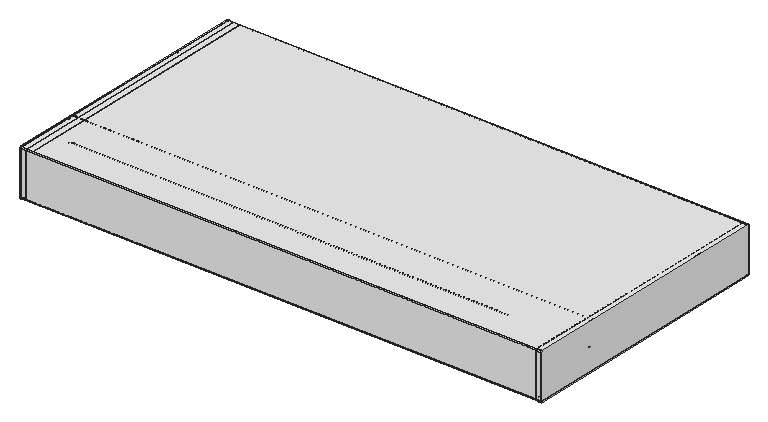
Revit family "LSTP 2x2_2x4", category Lighting Fixtures, host Ceiling, Revit 2019
Family settings
  Host = Ceiling
  Round Connector Dimension = Use Diameter
  Part Type = Normal
  OmniClass Number = 23.80.70.11.14.17
  OmniClass Title = Direct/Indirect
  Always vertical = Yes
  Cut with Voids When Loaded = No
  Light Source = Yes
  Shared = No
  Room Calculation Point = No
Parameters (values of type "LSTP2X4-LED840K061LUNV")
  Width = 1' - 11 3/4"
  Wattage = 43 W
  built-in parameter 1150110 = 1 (stored number, unit not read)
  Voltage = 120 V
  URL = "https://www.viscor.com/en/products/lstp"
  built-in parameter 1114217 = 0.9 (stored number, unit not read)
  Tilt Angle = 90.00°
  built-in parameter 1150109 = 1 (stored number, unit not read)
  built-in parameter 1150134 = 12
  built-in parameter 1150113 = 1 (stored number, unit not read)
  Reflector Width = Width / 2  # 0' - 11 7/8"
  Photometric Web File = "LSTP2X4-LED840K061LUNV.IES"
  Model = "LSTP"  # constant formula
  Manufacturer = "VISIONEERING by VISCOR"  # constant formula
  Lumens = 6149 lm
  built-in parameter 1150115 = 1 (stored number, unit not read)
  built-in parameter 1150105 = 489.32 (stored number, unit not read)
  built-in parameter 1150137 = (empty or 0)
  built-in parameter 1150139 = (empty or 0)
  Lens Finish = Polycarbonate - Viscor - Frosted Curved
  Length = 3' - 11 3/4"
  Lamp Wattage = 43 VA
  built-in parameter 1150112 = 1 (stored number, unit not read)
  built-in parameter 1150114 = 1 (stored number, unit not read)
  Lamp = "LED"  # constant formula
  built-in parameter 1150132 = (empty or 0)
  built-in parameter 1150102 = (empty or 0)
  built-in parameter 1150138 = (empty or 0)
  built-in parameter 1150107 = 4000 (stored number, unit not read)
  built-in parameter 1150106 = 4.8932 (stored number, unit not read)
  Housing Finish = Metal - Viscor - White
  Emit from Rectangle Width = Width  # 1' - 11 3/4"
  Emit from Rectangle Length = Length  # 3' - 11 3/4"
  Emit Shape Visible in Rendering = no
  built-in parameter 1150104 = 13.285 (stored number, unit not read)
  Dimming Lamp Color Temperature Shift = <None>
  Description = "LED Surface  Type P"  # constant formula
  Color Filter = 16777215
  built-in parameter 1114218 = 1 (stored number, unit not read)
  built-in parameter 1150133 = 10 (stored number, unit not read)
  Assembly Code = "D5020200"
  Apparent Load = Lamp Wattage  # 43 VA
Types (8): name | Wattage | Photometric Web File | Lumens | built-in parameter 1150105 | Length | Lamp Wattage | built-in parameter 1150106 | Emit from Rectangle Length | built-in parameter 1150104 | Apparent Load
  (no name) | 43 W | "LSTP2X4-LED840K061LUNV.IES" | 6149 lm | 489.32 (stored number, unit not read) | 3' - 11 3/4" | 43 VA | 4.8932 (stored number, unit not read) | 3' - 11 3/4" | 13.285 (stored number, unit not read) | 43 VA
  LSTP2X2-LED840K027LUNV | 23 W | "LSTP2X2-LED840K027LUNV.IES" | 2783 lm | 221.46 (stored number, unit not read) | 1' - 11 3/4" | 23 VA | 2.2146 (stored number, unit not read) | 1' - 11 3/4" | 11.241 (stored number, unit not read) | 23 VA
  LSTP2x4-LED840K037LUNV | 25 W | "LSTP2X4-LED840K037LUNV.IES" | 3725 lm | 296.43 (stored number, unit not read) | 3' - 11 3/4" | 25 VA | 2.9643 (stored number, unit not read) | 3' - 11 3/4" | 13.843 (stored number, unit not read) | 25 VA
  LSTP2x4-LED840K042LUNV | 31 W | "LSTP2X4-LED840K042LUNV.IES" | 4247 lm | 337.97 (stored number, unit not read) | 3' - 11 3/4" | 31 VA | 3.3797 (stored number, unit not read) | 3' - 11 3/4" | 12.728 (stored number, unit not read) | 31 VA
  LSTP2X2-LED840K035LUNV | 30 W | "LSTP2X2-LED840K035LUNV.IES" | 3510 lm | 279.32 (stored number, unit not read) | 1' - 11 3/4" | 30 VA | 2.7932 (stored number, unit not read) | 1' - 11 3/4" | 10.87 (stored number, unit not read) | 30 VA
  LSTP2X4-LED840K050LUNV | 39 W | "LSTP2X4-LED840K050LUNV.IES" | 5226 lm | 415.87 (stored number, unit not read) | 3' - 11 3/4" | 39 VA | 4.1587 (stored number, unit not read) | 3' - 11 3/4" | 12.449 (stored number, unit not read) | 39 VA
  LSTP2X4-LED840K061LUNV | 43 W | "LSTP2X4-LED840K061LUNV.IES" | 6149 lm | 489.32 (stored number, unit not read) | 3' - 11 3/4" | 43 VA | 4.8932 (stored number, unit not read) | 3' - 11 3/4" | 13.285 (stored number, unit not read) | 43 VA
  LSTP2X2-LED840K040LUNV | 32 W | "LSTP2X2-LED840K040LUNV.IES" | 4032 lm | 320.86 (stored number, unit not read) | 1' - 11 3/4" | 32 VA | 3.2086 (stored number, unit not read) | 1' - 11 3/4" | 11.706 (stored number, unit not read) | 32 VA
Reference planes (in)
  plane 1 "Light Source Axis (F/B)": y = 0
  plane 2 "Ceiling": z = 96
  plane 3 "Light Source Axis (L/R)": x = 0
  plane 4 "Light Source Elevation": z = 91.64062
  plane 5: y = 11.875
  plane 6: y = -11.875
  plane 7: x = -23.875
  plane 8: x = 23.875
  plane 9: x = -23.8125
  plane 10: x = 23.8125
  plane 11: x = -23.375
  plane 12: x = 23.375
  plane 13: y = 11.375
  plane 14: y = -11.375
  plane 15: y = 11.844
  plane 16: y = -11.844
Forms (in)
  Extrusion 1, void
    sketch origin (0, 0, 96) x (1, 0, 0) y (0, 1, 0)
      loop
        line (-23.875, -11.875) -> (23.875, -11.875) -> (23.875, 11.875) -> (-23.875, 11.875) -> (-23.875, -11.875)
    from -4.55033 to 0.2074
  Extrusion 2, solid, material "Metal - Viscor - White" <- "Housing Finish"
    sketch origin (0, 0, 0) x (0, 1, 0) y (0, 0, 1)
      loop
        line (11.81723, 96) -> (-11.81277, 96)
        arc (-11.81277, 96) -> (-11.85519, 95.98243) -> (-11.87277, 95.94) r 0.06
        line (-11.87277, 95.94) -> (-11.87277, 91.845)
        arc (-11.87277, 91.845) -> (-11.85519, 91.80257) -> (-11.81277, 91.785) r 0.06
        line (-11.81277, 91.785) -> (-11.37277, 91.785) -> (-11.37277, 91.81625) -> (-11.81277, 91.81625)
        arc (-11.81277, 91.81625) -> (-11.8331, 91.82467) -> (-11.84152, 91.845) r 0.02875
        line (-11.84152, 91.845) -> (-11.84152, 95.94)
        arc (-11.84152, 95.94) -> (-11.8331, 95.96033) -> (-11.81277, 95.96875) r 0.02875
        line (-11.81277, 95.96875) -> (11.81723, 95.96875)
        arc (11.81723, 95.96875) -> (11.83756, 95.96033) -> (11.84598, 95.94) r 0.02875
        line (11.84598, 95.94) -> (11.84598, 91.845)
        arc (11.84598, 91.845) -> (11.83756, 91.82467) -> (11.81723, 91.81625) r 0.02875
        line (11.81723, 91.81625) -> (11.37723, 91.81625) -> (11.37723, 91.785) -> (11.81723, 91.785)
        arc (11.81723, 91.785) -> (11.85966, 91.80257) -> (11.87723, 91.845) r 0.06
        line (11.87723, 91.845) -> (11.87723, 95.94)
        arc (11.87723, 95.94) -> (11.85966, 95.98243) -> (11.81723, 96) r 0.06
    from -23.875 to 23.875
  Extrusion 3, solid, material "Metal - Viscor - White" <- "Housing Finish"
    sketch origin (0, 0, 0) x (0, 1, 0) y (0, 0, 1)
      loop
        arc (11.84598, 95.9375) -> (11.82768, 95.98169) -> (11.78348, 96) r 0.0625
        line (11.78348, 96) -> (-11.77902, 96)
        arc (-11.77902, 96) -> (-11.82321, 95.98169) -> (-11.84152, 95.9375) r 0.0625
        line (-11.84152, 95.9375) -> (-11.84152, 91.75) -> (11.84598, 91.75) -> (11.84598, 95.9375)
    from -23.875 to -23.8125
  Extrusion 4, solid, material "Metal - Viscor - White" <- "Housing Finish"
    sketch origin (0, 0, 0) x (0, 1, 0) y (0, 0, -1)
      loop
        line (11.84598, -95.9375) -> (11.84598, -91.75) -> (-11.84152, -91.75) -> (-11.84152, -95.9375)
        arc (-11.84152, -95.9375) -> (-11.82321, -95.98169) -> (-11.77902, -96) r 0.0625
        line (-11.77902, -96) -> (11.78348, -96)
        arc (11.78348, -96) -> (11.82768, -95.98169) -> (11.84598, -95.9375) r 0.0625
    from -23.875 to -23.8125
  Extrusion 5, solid, material "Metal - Viscor - White" <- "Housing Finish"
    sketch origin (0, 0, 0) x (1, 0, 0) y (0, 0, 1)
      loop
        line (-23.835, 92.03) -> (-23.835, 91.833)
        arc (-23.835, 91.833) -> (-23.81948, 91.79552) -> (-23.782, 91.78) r 0.053
        line (-23.782, 91.78) -> (-23.428, 91.78)
        arc (-23.428, 91.78) -> (-23.39052, 91.79552) -> (-23.375, 91.833) r 0.053
        line (-23.375, 91.833) -> (-23.375, 95.905)
        arc (-23.375, 95.905) -> (-23.36621, 95.92621) -> (-23.345, 95.935) r 0.03
        line (-23.345, 95.935) -> (-22.75, 95.935) -> (-22.75, 95.96625) -> (-23.345, 95.96625)
        arc (-23.345, 95.96625) -> (-23.38831, 95.94831) -> (-23.40625, 95.905) r 0.06125
        line (-23.40625, 95.905) -> (-23.40625, 91.833)
        arc (-23.40625, 91.833) -> (-23.41262, 91.81762) -> (-23.428, 91.81125) r 0.02175
        line (-23.428, 91.81125) -> (-23.782, 91.81125)
        arc (-23.782, 91.81125) -> (-23.79738, 91.81762) -> (-23.80375, 91.833) r 0.02175
        line (-23.80375, 91.833) -> (-23.80375, 92.03) -> (-23.835, 92.03)
    from -11.844 to 11.844
  Extrusion 6, solid, material "Metal - Viscor - White" <- "Housing Finish"
    sketch origin (0, 0, 0) x (-1, 0, 0) y (0, 0, -1)
      loop
        line (-23.835, -92.03) -> (-23.80375, -92.03) -> (-23.80375, -91.833)
        arc (-23.80375, -91.833) -> (-23.79738, -91.81762) -> (-23.782, -91.81125) r 0.02175
        line (-23.782, -91.81125) -> (-23.428, -91.81125)
        arc (-23.428, -91.81125) -> (-23.41262, -91.81762) -> (-23.40625, -91.833) r 0.02175
        line (-23.40625, -91.833) -> (-23.40625, -95.905)
        arc (-23.40625, -95.905) -> (-23.38831, -95.94831) -> (-23.345, -95.96625) r 0.06125
        line (-23.345, -95.96625) -> (-22.75, -95.96625) -> (-22.75, -95.935) -> (-23.345, -95.935)
        arc (-23.345, -95.935) -> (-23.36621, -95.92621) -> (-23.375, -95.905) r 0.03
        line (-23.375, -95.905) -> (-23.375, -91.833)
        arc (-23.375, -91.833) -> (-23.39052, -91.79552) -> (-23.428, -91.78) r 0.053
        line (-23.428, -91.78) -> (-23.782, -91.78)
        arc (-23.782, -91.78) -> (-23.81948, -91.79552) -> (-23.835, -91.833) r 0.053
        line (-23.835, -91.833) -> (-23.835, -92.03)
    from -11.844 to 11.844
  Extrusion 7, solid, material "Metal - Viscor - White" <- "Housing Finish"
    sketch origin (0, 0, 0) x (0, 1, 0) y (0, 0, 1)
      loop
        line (11.84623, 92.191) -> (11.81498, 92.191) -> (11.81498, 91.878)
        arc (11.81498, 91.878) -> (11.80732, 91.85769) -> (11.78815, 91.8475) r 0.03075
        line (11.78815, 91.8475) -> (11.38192, 91.8475) -> (6.10921, 93.72319)
        arc (6.10921, 93.72319) -> (6.0889, 93.74927) -> (6.10395, 93.77869) r 0.03075
        line (6.10395, 93.77869) -> (6.57015, 94.0522)
        arc (6.57015, 94.0522) -> (6.60387, 94.10108) -> (6.5881, 94.15833) r 0.07025
        line (6.5881, 94.15833) -> (5.93771, 94.92253)
        arc (5.93771, 94.92253) -> (5.91368, 94.94077) -> (5.88421, 94.94725) r 0.07025
        line (5.88421, 94.94725) -> (5.15223, 94.94725) -> (5.15223, 94.916) -> (5.88421, 94.916)
        arc (5.88421, 94.916) -> (5.90057, 94.9124) -> (5.91391, 94.90228) r 0.039
        line (5.91391, 94.90228) -> (6.5643, 94.13807)
        arc (6.5643, 94.13807) -> (6.57305, 94.10629) -> (6.55434, 94.07916) r 0.039
        line (6.55434, 94.07916) -> (6.08814, 93.80564)
        arc (6.08814, 93.80564) -> (6.05779, 93.74632) -> (6.09873, 93.69375) r 0.062
        line (6.09873, 93.69375) -> (11.37653, 91.81625) -> (11.78979, 91.81625)
        arc (11.78979, 91.81625) -> (11.83, 91.83617) -> (11.84623, 91.878) r 0.062
        line (11.84623, 91.878) -> (11.84623, 92.191)
    from -23.8125 to 23.8125
  Extrusion 8, solid, material "Metal - Viscor - White" <- "Housing Finish"
    sketch origin (0, 0, 0) x (0, -1, 0) y (0, 0, -1)
      loop
        line (11.84623, -92.191) -> (11.84623, -91.878)
        arc (11.84623, -91.878) -> (11.83, -91.83617) -> (11.78979, -91.81625) r 0.062
        line (11.78979, -91.81625) -> (11.37653, -91.81625) -> (6.09873, -93.69375)
        arc (6.09873, -93.69375) -> (6.05779, -93.74632) -> (6.08814, -93.80564) r 0.062
        line (6.08814, -93.80564) -> (6.55434, -94.07916)
        arc (6.55434, -94.07916) -> (6.57305, -94.10629) -> (6.5643, -94.13807) r 0.039
        line (6.5643, -94.13807) -> (5.91391, -94.90228)
        arc (5.91391, -94.90228) -> (5.90057, -94.9124) -> (5.88421, -94.916) r 0.039
        line (5.88421, -94.916) -> (5.15223, -94.916) -> (5.15223, -94.94725) -> (5.88421, -94.94725)
        arc (5.88421, -94.94725) -> (5.91368, -94.94077) -> (5.93771, -94.92253) r 0.07025
        line (5.93771, -94.92253) -> (6.5881, -94.15833)
        arc (6.5881, -94.15833) -> (6.60387, -94.10108) -> (6.57015, -94.0522) r 0.07025
        line (6.57015, -94.0522) -> (6.10395, -93.77869)
        arc (6.10395, -93.77869) -> (6.0889, -93.74927) -> (6.10921, -93.72319) r 0.03075
        line (6.10921, -93.72319) -> (11.38192, -91.8475) -> (11.78815, -91.8475)
        arc (11.78815, -91.8475) -> (11.80732, -91.85769) -> (11.81498, -91.878) r 0.03075
        line (11.81498, -91.878) -> (11.81498, -92.191) -> (11.84623, -92.191)
    from -23.8125 to 23.8125
  Extrusion 9, solid, material "Polycarbonate - Viscor - Frosted Curved" <- "Lens Finish"
    sketch origin (0, 0, 0) x (0, 1, 0) y (0, 0, 1)
      loop
        line (6.56972, 94.12293) -> (6.54741, 94.15613)
        arc (6.54741, 94.15613) -> (0.00223, 92.162) -> (-6.54295, 94.15613) r 11.73842
        line (-6.54295, 94.15613) -> (-6.56525, 94.12293)
        arc (-6.56525, 94.12293) -> (0.00223, 92.122) -> (6.56972, 94.12293) r 11.77842
    from -23.375 to 23.375
  Extrusion 10, solid, material "Metal - Viscor - White" <- "Housing Finish"
    sketch origin (0, 0, 0) x (0, 1, 0) y (0, 0, 1)
      loop
        line (5.84723, 95.901) -> (5.84723, 95.009)
        arc (5.84723, 95.009) -> (5.83581, 94.98142) -> (5.80823, 94.97) r 0.039
        line (5.80823, 94.97) -> (-5.80377, 94.97)
        arc (-5.80377, 94.97) -> (-5.83135, 94.98142) -> (-5.84277, 95.009) r 0.039
        line (-5.84277, 95.009) -> (-5.84277, 95.901)
        arc (-5.84277, 95.901) -> (-5.86298, 95.94979) -> (-5.91177, 95.97) r 0.069
        line (-5.91177, 95.97) -> (-6.49777, 95.97) -> (-6.49777, 95.93875) -> (-5.91177, 95.93875)
        arc (-5.91177, 95.93875) -> (-5.88507, 95.92769) -> (-5.87402, 95.901) r 0.03775
        line (-5.87402, 95.901) -> (-5.87402, 95.009)
        arc (-5.87402, 95.009) -> (-5.85344, 94.95933) -> (-5.80377, 94.93875) r 0.07025
        line (-5.80377, 94.93875) -> (5.80823, 94.93875)
        arc (5.80823, 94.93875) -> (5.85791, 94.95933) -> (5.87848, 95.009) r 0.07025
        line (5.87848, 95.009) -> (5.87848, 95.901)
        arc (5.87848, 95.901) -> (5.88954, 95.92769) -> (5.91623, 95.93875) r 0.03775
        line (5.91623, 95.93875) -> (6.50223, 95.93875) -> (6.50223, 95.97) -> (5.91623, 95.97)
        arc (5.91623, 95.97) -> (5.86744, 95.94979) -> (5.84723, 95.901) r 0.069
    from -23.8125 to 23.8125
Dimensions and locks (in)
  equal spacing: host sketch curve, plane 3 "Light Source Axis (L/R)", host sketch curve
  equal spacing: host sketch curve, plane 1 "Light Source Axis (F/B)", host sketch curve
  host sketch curve to host sketch curve = 10' - 0"  (x2)
  equal spacing: plane 7, plane 3 "Light Source Axis (L/R)", plane 8
  "Length": plane 7 to plane 8
  equal spacing: plane 5, plane 1 "Light Source Axis (F/B)", plane 6
  "Width": plane 5 to plane 6
  plane 4 "Light Source Elevation" to plane 2 "Ceiling" = 0' - 4 23/64"
  locked: plane 7 to plane 9 at 0.0625
  locked: plane 10 to plane 8 at 0.0625
  locked: plane 7 to plane 11 at 0.5
  locked: plane 12 to plane 8 at 0.5
  locked: plane 5 to plane 13 at 0.5
  locked: plane 14 to plane 6 at 0.5
  locked: plane 5 to plane 15 at 0.031
  locked: plane 16 to plane 6 at 0.031
  aligned and locked: plane 3 "Light Source Axis (L/R)" to imposter light
  aligned and locked: plane 1 "Light Source Axis (F/B)" to imposter light
  aligned and locked: plane 4 "Light Source Elevation" to imposter light
  aligned and locked: Extrusion 1 to imposter light
  aligned and locked: Extrusion 1 to plane 7
  aligned and locked: plane 8 to Extrusion 1
  aligned and locked: Extrusion 2 to plane 7
  aligned and locked: plane 8 to Extrusion 2
  aligned and locked: Extrusion 3 to plane 7
  aligned and locked: plane 9 to Extrusion 3
  aligned and locked: plane 8 to Extrusion 4
  aligned and locked: Extrusion 4 to plane 10
  aligned and locked: Extrusion 5 to plane 16
  aligned and locked: plane 15 to Extrusion 5
  aligned and locked: Extrusion 6 to plane 16
  aligned and locked: plane 15 to Extrusion 6
  aligned and locked: Extrusion 7 to plane 9
  aligned and locked: plane 10 to Extrusion 7
  aligned and locked: Extrusion 8 to plane 9
  aligned and locked: plane 10 to Extrusion 8
  aligned and locked: Extrusion 9 to plane 11
  aligned and locked: plane 12 to Extrusion 9
  aligned and locked: Extrusion 10 to plane 9
  aligned and locked: plane 10 to Extrusion 10
Automatic sketch dimensions
  Extrusion 1 sketch curve to plane 5 = 0' - 0"
  Extrusion 1 sketch curve to plane 7 = 0' - 0"
  Extrusion 1 sketch curve to plane 8 = 0' - 0"
  Extrusion 1 sketch curve to plane 6 = 0' - 0"
  Extrusion 2 sketch curve to Extrusion 2 sketch curve = 0' - 0"  (x8)
  Extrusion 2 sketch curve to plane 2 "Ceiling" = 0' - 0"
  plane 6 to Extrusion 2 sketch curve = 0' - 0.00223"
  plane 16 to Extrusion 2 sketch curve = 0' - 0.00248"
  plane 16 to Extrusion 2 sketch curve = 0' - 0 1/32"
  Extrusion 2 sketch curve to Extrusion 2 sketch curve = 0' - 0.02875"
  plane 14 to Extrusion 2 sketch curve = 0' - 0.00223"
  plane 13 to Extrusion 2 sketch curve = 0' - 0.00223"
  Extrusion 2 sketch curve to plane 15 = 0' - 0.02677"  (x2)
  plane 15 to Extrusion 2 sketch curve = 0' - 0.00198"
  Extrusion 2 sketch curve to plane 4 "Light Source Elevation" = 0' - 0.20437"  (x2)
  Extrusion 3 sketch curve to plane 2 "Ceiling" = 0' - 0"
  plane 16 to Extrusion 3 sketch curve = 0' - 0.00248"
  plane 16 to Extrusion 3 sketch curve = 0' - 0.06498"
  Extrusion 3 sketch curve to plane 15 = 0' - 0.06052"
  plane 15 to Extrusion 3 sketch curve = 0' - 0.00198"
  Extrusion 3 sketch curve to plane 4 "Light Source Elevation" = 0' - 0 7/64"
  Extrusion 4 sketch curve to plane 2 "Ceiling" = 0' - 0"
  plane 16 to Extrusion 4 sketch curve = 0' - 0.00248"
  plane 16 to Extrusion 4 sketch curve = 0' - 0.06498"
  Extrusion 4 sketch curve to plane 15 = 0' - 0.06052"
  plane 15 to Extrusion 4 sketch curve = 0' - 0.00198"
  Extrusion 4 sketch curve to plane 4 "Light Source Elevation" = 0' - 0 7/64"
  Extrusion 5 sketch curve to Extrusion 5 sketch curve = 0' - 0"  (x6)
  Extrusion 5 sketch curve to plane 11 = 0' - 0"
  Extrusion 5 sketch curve to Extrusion 5 sketch curve = 0' - 0 1/32"
  Extrusion 5 sketch curve to Extrusion 5 sketch curve = 0' - 0.02175"
  plane 9 to Extrusion 5 sketch curve = 0' - 0.0305"
  plane 9 to Extrusion 5 sketch curve = 0' - 0.00875"
  plane 11 to Extrusion 5 sketch curve = 0' - 0.03"
  Extrusion 5 sketch curve to plane 2 "Ceiling" = 0' - 0.065"
  Extrusion 5 sketch curve to Extrusion 5 sketch curve = 0' - 0.595"
  Extrusion 5 sketch curve to plane 4 "Light Source Elevation" = 0' - 0.38938"
  Extrusion 5 sketch curve to plane 4 "Light Source Elevation" = 0' - 0.19238"
  Extrusion 6 sketch curve to Extrusion 6 sketch curve = 0' - 0"  (x6)
  Extrusion 6 sketch curve to plane 12 = 0' - 0"
  Extrusion 6 sketch curve to plane 12 = 0' - 0 1/32"
  Extrusion 6 sketch curve to Extrusion 6 sketch curve = 0' - 0.02175"
  plane 10 to Extrusion 6 sketch curve = 0' - 0.0305"
  plane 10 to Extrusion 6 sketch curve = 0' - 0.00875"
  Extrusion 6 sketch curve to Extrusion 6 sketch curve = 0' - 0.03"
  plane 2 "Ceiling" to Extrusion 6 sketch curve = 0' - 0.065"
  Extrusion 6 sketch curve to Extrusion 6 sketch curve = 0' - 0.595"
  plane 4 "Light Source Elevation" to Extrusion 6 sketch curve = 0' - 0.38938"
  plane 4 "Light Source Elevation" to Extrusion 6 sketch curve = 0' - 0.19238"
  Extrusion 7 sketch curve to Extrusion 7 sketch curve = 0' - 0"  (x8)
  Extrusion 7 sketch curve to plane 2 "Ceiling" = 0' - 1.084"
  Extrusion 7 sketch curve to plane 1 "Light Source Axis (F/B)" = 0' - 5.15223"
  Extrusion 7 sketch curve to Extrusion 7 sketch curve = 0' - 0.73198"
  Extrusion 7 sketch curve to plane 2 "Ceiling" = 0' - 1.09772"
  Extrusion 7 sketch curve to Extrusion 7 sketch curve = 0' - 0.0297"  (x2)
  Extrusion 7 sketch curve to plane 2 "Ceiling" = 0' - 1.07747"
  Extrusion 7 sketch curve to Extrusion 7 sketch curve = 0' - 0.0238"
  Extrusion 7 sketch curve to plane 4 "Light Source Elevation" = 0' - 2.16502"
  Extrusion 7 sketch curve to Extrusion 7 sketch curve = 0' - 0.20393"
  Extrusion 7 sketch curve to plane 4 "Light Source Elevation" = 0' - 2.05313"
  Extrusion 7 sketch curve to Extrusion 7 sketch curve = 0' - 0.01059"
  Extrusion 7 sketch curve to Extrusion 7 sketch curve = 0' - 0.01581"  (x2)
  Extrusion 7 sketch curve to plane 4 "Light Source Elevation" = 0' - 2.08257"
  Extrusion 7 sketch curve to Extrusion 7 sketch curve = 0' - 0.01047"
  Extrusion 7 sketch curve to Extrusion 7 sketch curve = 0' - 0.01031"
  Extrusion 7 sketch curve to Extrusion 7 sketch curve = 0' - 0.44646"
  Extrusion 7 sketch curve to plane 2 "Ceiling" = 0' - 1.92084"
  Extrusion 7 sketch curve to Extrusion 7 sketch curve = 0' - 0.01974"
  Extrusion 7 sketch curve to plane 2 "Ceiling" = 0' - 1.86193"
  Extrusion 7 sketch curve to plane 2 "Ceiling" = 0' - 1.9478"
  Extrusion 7 sketch curve to plane 2 "Ceiling" = 0' - 1.84167"
  plane 13 to Extrusion 7 sketch curve = 0' - 0.00153"
  plane 13 to Extrusion 7 sketch curve = 0' - 0.00692"
  Extrusion 7 sketch curve to plane 15 = 0' - 0.05977"
  Extrusion 7 sketch curve to Extrusion 7 sketch curve = 0' - 0 1/256"
  Extrusion 7 sketch curve to Extrusion 7 sketch curve = 0' - 0.00165"
  Extrusion 7 sketch curve to plane 15 = 0' - 0.02902"
  plane 15 to Extrusion 7 sketch curve = 0' - 0.00223"
  Extrusion 7 sketch curve to plane 4 "Light Source Elevation" = 0' - 0.55037"
  Extrusion 7 sketch curve to plane 4 "Light Source Elevation" = 0' - 0.23737"
  Extrusion 8 sketch curve to Extrusion 8 sketch curve = 0' - 0"  (x8)
  plane 2 "Ceiling" to Extrusion 8 sketch curve = 0' - 1.084"
  Extrusion 8 sketch curve to plane 1 "Light Source Axis (F/B)" = 0' - 5.15223"
  Extrusion 8 sketch curve to Extrusion 8 sketch curve = 0' - 0.73198"
  plane 2 "Ceiling" to Extrusion 8 sketch curve = 0' - 1.09772"
  Extrusion 8 sketch curve to Extrusion 8 sketch curve = 0' - 0.0297"  (x2)
  plane 2 "Ceiling" to Extrusion 8 sketch curve = 0' - 1.07747"
  Extrusion 8 sketch curve to Extrusion 8 sketch curve = 0' - 0.0238"
  plane 4 "Light Source Elevation" to Extrusion 8 sketch curve = 0' - 2.16502"
  Extrusion 8 sketch curve to Extrusion 8 sketch curve = 0' - 0.20393"
  plane 4 "Light Source Elevation" to Extrusion 8 sketch curve = 0' - 2.05313"
  Extrusion 8 sketch curve to Extrusion 8 sketch curve = 0' - 0.01059"
  Extrusion 8 sketch curve to Extrusion 8 sketch curve = 0' - 0.01581"  (x2)
  plane 4 "Light Source Elevation" to Extrusion 8 sketch curve = 0' - 2.08257"
  Extrusion 8 sketch curve to Extrusion 8 sketch curve = 0' - 0.01047"
  Extrusion 8 sketch curve to Extrusion 8 sketch curve = 0' - 0.01031"
  Extrusion 8 sketch curve to Extrusion 8 sketch curve = 0' - 0.44646"
  plane 2 "Ceiling" to Extrusion 8 sketch curve = 0' - 1.92084"
  Extrusion 8 sketch curve to Extrusion 8 sketch curve = 0' - 0.01974"
  plane 2 "Ceiling" to Extrusion 8 sketch curve = 0' - 1.86193"
  plane 2 "Ceiling" to Extrusion 8 sketch curve = 0' - 1.9478"
  plane 2 "Ceiling" to Extrusion 8 sketch curve = 0' - 1.84167"
  plane 14 to Extrusion 8 sketch curve = 0' - 0.00153"
  plane 14 to Extrusion 8 sketch curve = 0' - 0.00692"
  Extrusion 8 sketch curve to plane 16 = 0' - 0.05977"
  Extrusion 8 sketch curve to Extrusion 8 sketch curve = 0' - 0 1/256"
  Extrusion 8 sketch curve to Extrusion 8 sketch curve = 0' - 0.00165"
  Extrusion 8 sketch curve to plane 16 = 0' - 0.02902"
  plane 16 to Extrusion 8 sketch curve = 0' - 0.00223"
  plane 4 "Light Source Elevation" to Extrusion 8 sketch curve = 0' - 0.55037"
  plane 4 "Light Source Elevation" to Extrusion 8 sketch curve = 0' - 0.23737"
  Extrusion 9 sketch curve to Extrusion 9 sketch curve = 0' - 0"  (x2)
  Extrusion 9 sketch curve to plane 1 "Light Source Axis (F/B)" = 0' - 0.00223"
  Extrusion 9 sketch curve to plane 2 "Ceiling" = 0' - 1.84387"  (x2)
  Extrusion 9 sketch curve to plane 13 = 0' - 4.82759"
  Extrusion 9 sketch curve to Extrusion 9 sketch curve = 0' - 0.0223"  (x2)
  plane 2 "Ceiling" to Extrusion 9 sketch curve = 0' - 7.90042"
  Extrusion 9 sketch curve to plane 2 "Ceiling" = 0' - 1.87707"
  Extrusion 10 sketch curve to Extrusion 10 sketch curve = 0' - 0"  (x8)
  Extrusion 10 sketch curve to plane 2 "Ceiling" = 0' - 0.06125"  (x2)
  plane 14 to Extrusion 10 sketch curve = 0' - 5.46323"
  Extrusion 10 sketch curve to Extrusion 10 sketch curve = 0' - 0.03775"  (x2)
  Extrusion 10 sketch curve to Extrusion 10 sketch curve = 0' - 0 1/32"
  Extrusion 10 sketch curve to Extrusion 10 sketch curve = 0' - 0.039"  (x2)
  Extrusion 10 sketch curve to plane 2 "Ceiling" = 0' - 0.991"
  Extrusion 10 sketch curve to plane 13 = 0' - 5.56677"
  Extrusion 10 sketch curve to Extrusion 10 sketch curve = 0' - 0.586"  (x2)
Connectors (in)
  electrical at (0, 0, 91.64062), driven by "Voltage", driven by "Apparent Load"
    settings: index 1, voltage 120 V, apparent load 0 VA, apparent load phase1 43 VA, apparent load phase2 0 VA, apparent load phase3 0 VA, power factor 1, load classification "Other", number of poles 1, system type 31, power factor state 1, is connector primary yes, connector utility no, sub classification motor no, connector description ""
